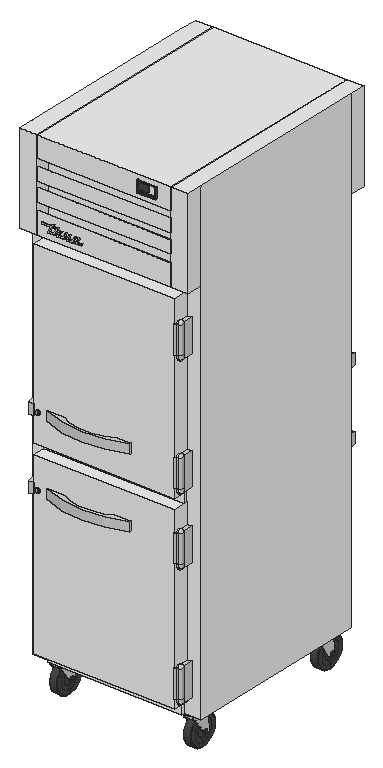
Revit family "QF_TRUE_STR1RPT-2HS-2HS-HC", category Specialty Equipment, Revit 2012
Parameters
  Weight in Pounds = 0
  Watts = Volts * FL Amps  # 437 W
  Volts = 115 V
  URL Manufacturer = "www.truemfg.com"
  URL Cutsheet = "www.truemfg.com"
  URL = "www.truemfg.com"
  Type Comments = "www.truemfg.com"
  Status [instance] = ""
  Specification by User [instance] = ""
  Specification by Manufacturer = ""
  Show Seismic Flanged [instance] = no
  Show Logo [instance] = yes
  Show Legs [instance] = no
  Show Clearance [instance] = yes
  Serial Number = ""
  Seismic Rating = ""
  Seismic Plate [instance] = and(Show Seismic Flanged, not(Show Casters))  # no
  SMACNA No = ""
  Revision Code [instance] = ""
  Phase = 1
  Omniclass Number and Title = ""
  Number of Poles [instance] = 1
  NAFEM Spec ID Number = ""
  Model = "STR1RPT-2HS-2HS-HC"
  Min Ckt Ampacity = 0 A
  Max Overcurrent Protection = 0 A
  Masterspec = ""
  Manufacturer = "TRUE FOOD SERVICE EQUIPMENT, INC."
  Length = 27 1/2"
  Legs [instance] = or(Show Legs, Show Seismic Flanged)  # no
  Item Number [instance] = ""
  Installed By [instance] = ""
  Identify Quantity as Lot [instance] = yes
  Height = 77 3/4"
  HP = "1/4"
  Furnished By [instance] = ""
  Foodservice Equipment Identifier [instance] = yes
  FL Amps = 3.8 A
  Electrical Remarks [instance] = ""
  Electric Connection Type [instance] = ""
  Elec Conn RI Height [instance] = 0"
  Elec Conn Connection Height [instance] = 0"
  Description = "PASS-THRU SOLID HALF FRONT/SOLID HALF REAR SWING DOORS REFRIGERATOR WITH HYDROCARBON REFRIGERANT"
  Depth = 36 1/8"
  Cycle = 60 Hz
  Conn Plug = "5-15P"
  Conn Conduit = yes
  Show Casters [instance] = if(not(Show Legs), not(Show Seismic Flanged), not(Show Legs))  # yes
  CSI MasterFormat = ""
  CSI Master Format = ""
  Apparent Power = if(Phase = 3, Volts * FL Amps * 1.73, Volts * FL Amps)  # 437 VA
Reference planes (in)
  plane 1: z = 0
  plane 2 "LEFT": x = 0
  plane 3 "RIGHT": x = 27.5
  plane 4 "FRONT": y = -33.375
  plane 5 "TOP": z = 84.125
  plane 6: z = 6.125
  plane 7: y = -33.3292
  plane 8: y = 2.75
  plane 9: y = -56.40625
  plane 10: y = 25.78125
Forms (in)
  Extrusion 1, solid, material "QF_Finishes_Chrome - Satin"
    sketch origin (0.05, 0, 0) x (1, 0, 0) y (0, 1, 0)
      loop
        line (-0.05, 0) -> (-0.05, -30.625) -> (2.80938, -30.625) -> (2.80938, 0) -> (-0.05, 0)
    from 6.125 to 84.125
  Extrusion 2, solid, material "QF_Finishes_Chrome - Satin"
    sketch origin (50.15, 0, 0) x (1, 0, 0) y (0, 1, 0)
      loop
        line (-25.50937, 0) -> (-25.50937, -30.625) -> (-22.65, -30.625) -> (-22.65, 0) -> (-25.50937, 0)
    from 6.125 to 84.125
  Extrusion 3, solid, material "QF_Finishes_Chrome - Satin"
    sketch origin (0, 0, 0) x (0, 1, 0) y (0, 0, 1)
      loop
        line (-33.1875, 69.5) -> (-30.625, 69.5) -> (-30.625, 64.75) -> (0, 64.75) -> (0, 69.5) -> (2.5625, 69.5) -> (2.5625, 73.02638) -> (0.59159, 71.625) -> (0.59159, 72.90057) -> (2.5625, 74.30195) -> (2.5625, 76.39816) -> (0.59159, 74.99678) -> (0.59159, 75.95754) -> (2.5625, 77.35892) -> (2.5625, 79.49263) -> (0.59159, 78.09125) -> (0.59159, 79.21352) -> (2.5625, 80.6149) -> (2.5625, 84.125) -> (-33.1875, 84.125) -> (-33.1875, 80.68002) -> (-31.125, 79.21352) -> (-31.125, 78.09125) -> (-33.1875, 79.55776) -> (-33.1875, 77.42405) -> (-31.125, 75.95754) -> (-31.125, 74.99678) -> (-33.1875, 76.46328) -> (-33.1875, 74.36708) -> (-31.125, 72.90057) -> (-31.125, 71.625) -> (-33.1875, 73.09151) -> (-33.1875, 69.5)
      loop
        line (-31, 6.125) -> (0, 6.125) -> (0, 8.94743) -> (-31, 8.94743) -> (-31, 6.125)
    from 2.85938 to 24.64063
  Extrusion 4, solid, material "QF_Finishes_Chrome - Satin"
    sketch origin (0.10531, 0, 0) x (1, 0, 0) y (0, 1, 0)
      loop
        line (27.34782, -30.625) -> (24.53532, -30.625) -> (24.53532, -33.1875) -> (27.34782, -33.1875) -> (27.34782, -30.625)
    from 69.5 to 84.125
  Extrusion 5, solid, material "QF_Finishes_Chrome - Satin"
    sketch origin (-50.19421, 0, 0.25) x (1, 0, 0) y (0, 1, 0)
      loop
        line (53.05359, -30.625) -> (50.24109, -30.625) -> (50.24109, -33.1875) -> (53.05359, -33.1875) -> (53.05359, -30.625)
    from 69.25 to 83.875
  Extrusion 6, solid, material "QF_Finishes_Handrails and Railings", visible <- "Show Logo"
    sketch origin (0.33478, 1.45673, -6.73143) x (1, 0, 0) y (0, 0, 1)
      loop
        line (3.46044, 78.46231) -> (3.35478, 78.23573) -> (4.76027, 78.23573)
        arc (4.76027, 78.23573) -> (4.78879, 78.18528) -> (4.76027, 78.13484) r 0.05887
        line (4.76027, 78.13484) -> (4.39369, 77.34872)
        arc (4.39369, 77.34872) -> (4.39051, 77.27591) -> (4.43975, 77.22217) r 0.09523
        line (4.43975, 77.22217) -> (5.33844, 77.22217)
        arc (5.33844, 77.22217) -> (5.45192, 77.25795) -> (5.52436, 77.35235) r 0.19785
        line (5.52436, 77.35235) -> (5.81285, 77.97101) -> (6.0779, 77.97101)
        arc (6.0779, 77.97101) -> (6.14744, 77.94543) -> (6.13737, 77.87203) r 0.05911
        line (6.13737, 77.87203) -> (5.89598, 77.35437)
        arc (5.89598, 77.35437) -> (5.89974, 77.2684) -> (5.97231, 77.22217) r 0.09318
        line (5.97231, 77.22217) -> (6.76198, 77.22217)
        arc (6.76198, 77.22217) -> (6.82249, 77.24419) -> (6.85468, 77.29995) r 0.09412
        arc (6.85468, 77.29995) -> (6.87746, 77.24495) -> (6.93246, 77.22217) r 0.07778
        line (6.93246, 77.22217) -> (7.43246, 77.22217)
        arc (7.43246, 77.22217) -> (7.49022, 77.23765) -> (7.53251, 77.27993) r 0.11552
        arc (7.53251, 77.27993) -> (7.55275, 77.23106) -> (7.60162, 77.21081) r 0.06912
        line (7.60162, 77.21081) -> (8.31225, 77.21081)
        arc (8.31225, 77.21081) -> (8.37034, 77.23488) -> (8.39441, 77.29297) r 0.08216
        arc (8.39441, 77.29297) -> (8.44767, 77.23972) -> (8.52042, 77.22022) r 0.14551
        line (8.52042, 77.22022) -> (9.85158, 77.22022) -> (9.99946, 77.47634) -> (8.65678, 77.47634)
        arc (8.65678, 77.47634) -> (8.61972, 77.50204) -> (8.61834, 77.54711) r 0.05009
        line (8.61834, 77.54711) -> (8.64157, 77.59692)
        arc (8.64157, 77.59692) -> (8.67723, 77.64364) -> (8.73327, 77.66135) r 0.09747
        line (8.73327, 77.66135) -> (9.16485, 77.66135)
        arc (9.16485, 77.66135) -> (9.258, 77.68631) -> (9.32619, 77.7545) r 0.1863
        line (9.32619, 77.7545) -> (9.45119, 77.97101)
        arc (9.45119, 77.97101) -> (9.45119, 78.08657) -> (9.35111, 78.14434) r 0.11556
        line (9.35111, 78.14434) -> (8.89562, 78.14434)
        arc (8.89562, 78.14434) -> (8.7795, 78.12462) -> (8.69849, 78.03912) r 0.18605
        line (8.69849, 78.03912) -> (8.48204, 77.57493)
        arc (8.48204, 77.57493) -> (8.41815, 77.49167) -> (8.31806, 77.46011) r 0.1745
        line (8.31806, 77.46011) -> (7.84559, 77.46011)
        arc (7.84559, 77.46011) -> (7.78903, 77.52184) -> (7.79268, 77.60548) r 0.10939
        line (7.79268, 77.60548) -> (8.04395, 78.14434) -> (7.88403, 78.14434) -> (7.61781, 77.57344)
        arc (7.61781, 77.57344) -> (7.56609, 77.50603) -> (7.48505, 77.48048) r 0.14128
        line (7.48505, 77.48048) -> (7.15925, 77.48048)
        arc (7.15925, 77.48048) -> (7.10419, 77.55223) -> (7.116, 77.64189) r 0.11816
        line (7.116, 77.64189) -> (7.3503, 78.14434) -> (7.18514, 78.14434) -> (6.91546, 77.566)
        arc (6.91546, 77.566) -> (6.85285, 77.50339) -> (6.76733, 77.48048) r 0.17104
        line (6.76733, 77.48048) -> (6.29555, 77.48048)
        arc (6.29555, 77.48048) -> (6.21082, 77.51999) -> (6.20267, 77.61313) r 0.0935
        line (6.20267, 77.61313) -> (6.35774, 77.94569) -> (6.57695, 77.94569)
        arc (6.57695, 77.94569) -> (6.61395, 78.05717) -> (6.69267, 78.14434) r 0.2857
        line (6.69267, 78.14434) -> (5.83605, 78.14434)
        arc (5.83605, 78.14434) -> (5.74086, 78.12324) -> (5.67498, 78.05135) r 0.16212
        line (5.67498, 78.05135) -> (5.44279, 77.55341)
        arc (5.44279, 77.55341) -> (5.3894, 77.50002) -> (5.31647, 77.48048) r 0.14586
        line (5.31647, 77.48048) -> (4.80506, 77.48048)
        arc (4.80506, 77.48048) -> (4.76514, 77.53442) -> (4.77274, 77.60109) r 0.09155
        line (4.77274, 77.60109) -> (5.11018, 78.23573) -> (5.96155, 78.23573) -> (6.06721, 78.46231) -> (5.21584, 78.46231) -> (5.32149, 78.68888) -> (5.01862, 78.68888) -> (4.91297, 78.46231) -> (3.46044, 78.46231)
      loop
        arc (8.83805, 77.93863) -> (8.80119, 77.92875) -> (8.7742, 77.90176) r 0.07373
        line (8.7742, 77.90176) -> (8.75229, 77.83436)
        arc (8.75229, 77.83436) -> (8.76245, 77.80983) -> (8.78699, 77.79966) r 0.0347
        line (8.78699, 77.79966) -> (9.15948, 77.79966)
        arc (9.15948, 77.79966) -> (9.18632, 77.80561) -> (9.20812, 77.82234) r 0.0635
        line (9.20812, 77.82234) -> (9.22624, 77.90622)
        arc (9.22624, 77.90622) -> (9.22091, 77.92868) -> (9.20009, 77.93863) r 0.02676
        line (9.20009, 77.93863) -> (8.83805, 77.93863)
    from 34.64423 to 34.83173
  Extrusion 7, solid
    sketch origin (-25.125, 2.6875, 0) x (1, 0, 0) y (0, 0, 1)
      loop
        circle (49.375, 82) r 0.25
    from 0.23221 to 0.125
  Revolve 8, solid, material "QF_Finishes_Black", visible <- "Show Casters"
    sketch origin (22.65625, -27.375, 0) x (1, 0, 0) y (0, 0, 1)
      loop
        line (1.475, 5) -> (1.375, 4.9) -> (1.375, 4.29941) -> (1.53601, 4.29941) -> (1.53601, 3.54941) -> (1.375, 3.54941) -> (1.375, 2.79941) -> (0.975, 2.79941) -> (0.975, 2.5) -> (3.025, 2.5) -> (3.025, 2.79941) -> (2.62908, 2.79941) -> (2.62908, 3.54941) -> (2.46399, 3.54941) -> (2.46399, 4.29941) -> (2.62908, 4.29941) -> (2.62908, 4.89592) -> (2.525, 5) -> (1.475, 5)
      axis (3.025, 2.5) -> (0.975, 2.5)
    angle from 0 to 360
  Extrusion 9, solid, material "QF_Finishes_Handrails and Railings", visible <- "Show Casters"
    sketch origin (22.65625, 0, 0) x (0, 1, 0) y (0, 0, 1)
      loop
        line (-29.57636, 5.48574) -> (-29.57636, 4.88089) -> (-29.32636, 4.88089) -> (-27.57716, 2.18736)
        arc (-27.57716, 2.18736) -> (-26.86383, 1.94868) -> (-26.47081, 2.59003) r 0.60416
        line (-26.47081, 2.59003) -> (-26.82636, 5.48574) -> (-29.57636, 5.48574)
      loop
        line (-4.07645, 5.48574) -> (-4.07645, 4.88089) -> (-3.82645, 4.88089) -> (-2.07725, 2.18736)
        arc (-2.07725, 2.18736) -> (-1.36392, 1.94868) -> (-0.9709, 2.59003) r 0.60416
        line (-0.9709, 2.59003) -> (-1.32645, 5.48574) -> (-4.07645, 5.48574)
    from 1.175 to 1.325
  Extrusion 10, solid, material "QF_Finishes_Handrails and Railings", visible <- "Show Casters"
    sketch origin (24.15625, 0, 0) x (0, 1, 0) y (0, 0, 1)
      loop
        line (-29.57636, 5.48574) -> (-29.57636, 4.88089) -> (-29.32636, 4.88089) -> (-27.57716, 2.18736)
        arc (-27.57716, 2.18736) -> (-26.86383, 1.94868) -> (-26.47081, 2.59003) r 0.60416
        line (-26.47081, 2.59003) -> (-26.82636, 5.48574) -> (-29.57636, 5.48574)
      loop
        line (-4.07645, 5.48574) -> (-4.07645, 4.88089) -> (-3.82645, 4.88089) -> (-2.07725, 2.18736)
        arc (-2.07725, 2.18736) -> (-1.36392, 1.94868) -> (-0.9709, 2.59003) r 0.60416
        line (-0.9709, 2.59003) -> (-1.32645, 5.48574) -> (-4.07645, 5.48574)
    from 1.175 to 1.325
  Revolve 11, solid, material "QF_Finishes_Chrome - Satin", visible <- "Show Casters"
    sketch origin (22.65625, -28.5625, -0.5) x (1, 0, 0) y (0, 0, 1)
      loop
        line (2, 5.99546) -> (2, 6.62359) -> (0.70293, 6.62359) -> (0.70293, 5.99546) -> (2, 5.99546)
      axis (2, 5.99546) -> (2, 6.62359)
    angle from 0 to 360
  Revolve 12, solid, material "QF_Finishes_Chrome - Satin", visible <- "Legs"
    sketch origin (22.65625, -2.69102, 0) x (1, 0, 0) y (0, 0, 1)
      loop
        line (2, 6.125) -> (0.66662, 6.125) -> (1.25, 1) -> (1.5, 1) -> (1.5, 0) -> (2, 0) -> (2, 6.125)
      axis (2, 0) -> (2, 6.125)
    angle from 0 to 360
  Revolve 13, solid, material "QF_Finishes_Chrome - Satin", visible <- "Legs"
    sketch origin (22.65625, -28.65977, 0) x (1, 0, 0) y (0, 0, 1)
      loop
        line (2, 6.125) -> (0.66662, 6.125) -> (1.25, 1) -> (1.5, 1) -> (1.5, 0) -> (2, 0) -> (2, 6.125)
      axis (2, 0) -> (2, 6.125)
    angle from 0 to 360
  Revolve 14, solid, material "QF_Finishes_Chrome - Satin", visible <- "Show Casters"
    sketch origin (22.65625, -2.70321, -0.5) x (1, 0, 0) y (0, 0, 1)
      loop
        line (2, 5.99546) -> (2, 6.62359) -> (0.70293, 6.62359) -> (0.70293, 5.99546) -> (2, 5.99546)
      axis (2, 5.99546) -> (2, 6.62359)
    angle from 0 to 360
  Extrusion 15, solid, material "QF_Finishes_Handrails and Railings", visible <- "Show Casters"
    sketch origin (-25.125, 0, 0) x (0, 1, 0) y (0, 0, 1)
      loop
        line (-29.57636, 5.48574) -> (-29.57636, 4.88089) -> (-29.32636, 4.88089) -> (-26.79033, 5.19227) -> (-26.82636, 5.48574) -> (-29.57636, 5.48574)
      loop
        line (-4.07645, 5.48574) -> (-4.07645, 4.88089) -> (-3.82645, 4.88089) -> (-1.29042, 5.19227) -> (-1.32645, 5.48574) -> (-4.07645, 5.48574)
    from 49.10625 to 50.45625
  Revolve 16, solid, material "QF_Finishes_Black", visible <- "Show Casters"
    sketch origin (0.84375, -27.375, 0) x (1, 0, 0) y (0, 0, 1)
      loop
        line (1.475, 5) -> (1.375, 4.9) -> (1.375, 4.29941) -> (1.53601, 4.29941) -> (1.53601, 3.54941) -> (1.375, 3.54941) -> (1.375, 2.79941) -> (0.975, 2.79941) -> (0.975, 2.5) -> (3.025, 2.5) -> (3.025, 2.79941) -> (2.62908, 2.79941) -> (2.62908, 3.54941) -> (2.46399, 3.54941) -> (2.46399, 4.29941) -> (2.62908, 4.29941) -> (2.62908, 4.89592) -> (2.525, 5) -> (1.475, 5)
      axis (3.025, 2.5) -> (0.975, 2.5)
    angle from 0 to 360
  Extrusion 17, solid, material "QF_Finishes_Handrails and Railings", visible <- "Show Casters"
    sketch origin (0.84375, 0, 0) x (0, 1, 0) y (0, 0, 1)
      loop
        line (-29.57636, 5.48574) -> (-29.57636, 4.88089) -> (-29.32636, 4.88089) -> (-27.57716, 2.18736)
        arc (-27.57716, 2.18736) -> (-26.86383, 1.94868) -> (-26.47081, 2.59003) r 0.60416
        line (-26.47081, 2.59003) -> (-26.82636, 5.48574) -> (-29.57636, 5.48574)
      loop
        line (-4.07645, 5.48574) -> (-4.07645, 4.88089) -> (-3.82645, 4.88089) -> (-2.07725, 2.18736)
        arc (-2.07725, 2.18736) -> (-1.36392, 1.94868) -> (-0.9709, 2.59003) r 0.60416
        line (-0.9709, 2.59003) -> (-1.32645, 5.48574) -> (-4.07645, 5.48574)
    from 1.175 to 1.325
  Extrusion 18, solid, material "QF_Finishes_Handrails and Railings", visible <- "Show Casters"
    sketch origin (2.34375, 0, 0) x (0, 1, 0) y (0, 0, 1)
      loop
        line (-29.57636, 5.48574) -> (-29.57636, 4.88089) -> (-29.32636, 4.88089) -> (-27.57716, 2.18736)
        arc (-27.57716, 2.18736) -> (-26.86383, 1.94868) -> (-26.47081, 2.59003) r 0.60416
        line (-26.47081, 2.59003) -> (-26.82636, 5.48574) -> (-29.57636, 5.48574)
      loop
        line (-4.07645, 5.48574) -> (-4.07645, 4.88089) -> (-3.82645, 4.88089) -> (-2.07725, 2.18736)
        arc (-2.07725, 2.18736) -> (-1.36392, 1.94868) -> (-0.9709, 2.59003) r 0.60416
        line (-0.9709, 2.59003) -> (-1.32645, 5.48574) -> (-4.07645, 5.48574)
    from 1.175 to 1.325
  Revolve 19, solid, material "QF_Finishes_Chrome - Satin", visible <- "Show Casters"
    sketch origin (0.84375, -28.5625, -0.5) x (1, 0, 0) y (0, 0, 1)
      loop
        line (2, 5.99546) -> (2, 6.62359) -> (0.70293, 6.62359) -> (0.70293, 5.99546) -> (2, 5.99546)
      axis (2, 5.99546) -> (2, 6.62359)
    angle from 0 to 360
  Revolve 20, solid, material "QF_Finishes_Chrome - Satin", visible <- "Legs"
    sketch origin (0.84375, -2.69102, 0) x (1, 0, 0) y (0, 0, 1)
      loop
        line (2, 6.125) -> (0.66662, 6.125) -> (1.25, 1) -> (1.5, 1) -> (1.5, 0) -> (2, 0) -> (2, 6.125)
      axis (2, 0) -> (2, 6.125)
    angle from 0 to 360
  Revolve 21, solid, material "QF_Finishes_Chrome - Satin", visible <- "Legs"
    sketch origin (0.84375, -28.65977, 0) x (1, 0, 0) y (0, 0, 1)
      loop
        line (2, 6.125) -> (0.66662, 6.125) -> (1.25, 1) -> (1.5, 1) -> (1.5, 0) -> (2, 0) -> (2, 6.125)
      axis (2, 0) -> (2, 6.125)
    angle from 0 to 360
  Revolve 22, solid, material "QF_Finishes_Chrome - Satin", visible <- "Show Casters"
    sketch origin (0.84375, -2.70321, -0.5) x (1, 0, 0) y (0, 0, 1)
      loop
        line (2, 5.99546) -> (2, 6.62359) -> (0.70293, 6.62359) -> (0.70293, 5.99546) -> (2, 5.99546)
      axis (2, 5.99546) -> (2, 6.62359)
    angle from 0 to 360
  Extrusion 23, solid, material "QF_Finishes_Handrails and Railings", visible <- "Show Casters"
    sketch origin (-46.9375, 0, 0) x (0, 1, 0) y (0, 0, 1)
      loop
        line (-29.57636, 5.48574) -> (-29.57636, 4.88089) -> (-29.32636, 4.88089) -> (-26.79033, 5.19227) -> (-26.82636, 5.48574) -> (-29.57636, 5.48574)
      loop
        line (-4.07645, 5.48574) -> (-4.07645, 4.88089) -> (-3.82645, 4.88089) -> (-1.29042, 5.19227) -> (-1.32645, 5.48574) -> (-4.07645, 5.48574)
    from 49.10625 to 50.45625
  Extrusion 24, solid, material "QF_Finishes_Chrome - Satin"
    sketch origin (0.10531, -31.3292, 0) x (1, 0, 0) y (0, 1, 0)
      loop
        line (27.34782, 31.3292) -> (27.34782, 33.8917) -> (24.53532, 33.8917) -> (24.53532, 31.3292) -> (27.34782, 31.3292)
    from 69.5 to 84.125
  Extrusion 25, solid, material "QF_Finishes_Chrome - Satin"
    sketch origin (-50.19421, -31.3292, 0.25) x (1, 0, 0) y (0, 1, 0)
      loop
        line (53.05359, 31.3292) -> (53.05359, 33.8917) -> (50.24109, 33.8917) -> (50.24109, 31.3292) -> (53.05359, 31.3292)
    from 69.25 to 83.875
  Extrusion 26, solid, material "QF_Finishes_Handrails and Railings"
    sketch origin (1.28125, -31.48479, 0) x (0, -1, 0) y (0, 0, -1)
      loop
        line (-31.48479, -64.55229) -> (-31.48479, -59.23627) -> (-33.625, -59.23627) -> (-33.625, -59.94848) -> (-33.18997, -59.94848) -> (-33.18997, -64.34776)
        arc (-33.18997, -64.34776) -> (-33.13006, -64.49238) -> (-32.98544, -64.55229) r 0.20453
        line (-32.98544, -64.55229) -> (-31.48479, -64.55229)
    from 0.17506 to 1
  Revolve 27, solid, material "QF_Finishes_Handrails and Railings"
    sketch origin (1.78125, -31.48479, 0) x (0, -1, 0) y (0, 0, -1)
      loop
        line (-33.64063, -60.00189) -> (-34.04729, -60.00189) -> (-34.04729, -64.4736)
        arc (-34.04729, -64.4736) -> (-33.91222, -64.72557) -> (-33.64063, -64.81483) r 0.3848
        line (-33.64063, -64.81483) -> (-33.64063, -60.00189)
      loop
        line (-33.64063, -59.94848) -> (-33.64063, -59.04781)
        arc (-33.64063, -59.04781) -> (-33.90764, -59.13383) -> (-34.04729, -59.37712) r 0.38884
        line (-34.04729, -59.37712) -> (-34.04729, -59.94848) -> (-33.64063, -59.94848)
      axis (-33.64063, -59.04781) -> (-33.64063, -64.81483)
    angle from 0 to 360
  Extrusion 28, solid, material "QF_Finishes_Handrails and Railings"
    sketch origin (-0.03125, -31.48479, 0) x (1, 0, 0) y (0, 0, -1)
      loop
        line (1.91491, -64.4736) -> (2.3125, -64.4736) -> (2.3125, -60.00079) -> (1.91491, -60.00079) -> (1.91491, -64.4736)
    from 33.18997 to 33.98479
  Extrusion 29, solid, material "QF_Finishes_Handrails and Railings"
    sketch origin (1.28125, -31.48479, -19.5) x (0, -1, 0) y (0, 0, -1)
      loop
        line (-31.48479, -64.55229) -> (-31.48479, -59.23627) -> (-33.625, -59.23627) -> (-33.625, -59.94848) -> (-33.18997, -59.94848) -> (-33.18997, -64.34776)
        arc (-33.18997, -64.34776) -> (-33.13006, -64.49238) -> (-32.98544, -64.55229) r 0.20453
        line (-32.98544, -64.55229) -> (-31.48479, -64.55229)
    from 0.17506 to 1
  Revolve 30, solid, material "QF_Finishes_Handrails and Railings"
    sketch origin (1.78125, -31.48479, -19.5) x (0, -1, 0) y (0, 0, -1)
      loop
        line (-33.64063, -60.00189) -> (-34.04729, -60.00189) -> (-34.04729, -64.4736)
        arc (-34.04729, -64.4736) -> (-33.91222, -64.72557) -> (-33.64063, -64.81483) r 0.3848
        line (-33.64063, -64.81483) -> (-33.64063, -60.00189)
      loop
        line (-33.64063, -59.94848) -> (-33.64063, -59.04781)
        arc (-33.64063, -59.04781) -> (-33.90764, -59.13383) -> (-34.04729, -59.37712) r 0.38884
        line (-34.04729, -59.37712) -> (-34.04729, -59.94848) -> (-33.64063, -59.94848)
      axis (-33.64063, -59.04781) -> (-33.64063, -64.81483)
    angle from 0 to 360
  Extrusion 31, solid, material "QF_Finishes_Handrails and Railings"
    sketch origin (-0.03125, -31.48479, -19.5) x (1, 0, 0) y (0, 0, -1)
      loop
        line (1.91491, -64.4736) -> (2.3125, -64.4736) -> (2.3125, -60.00079) -> (1.91491, -60.00079) -> (1.91491, -64.4736)
    from 33.18997 to 33.98479
  Extrusion 32, solid, material "QF_Finishes_Handrails and Railings"
    sketch origin (1.28125, -31.48479, -30.5) x (0, -1, 0) y (0, 0, -1)
      loop
        line (-31.48479, -64.55229) -> (-31.48479, -59.23627) -> (-33.625, -59.23627) -> (-33.625, -59.94848) -> (-33.18997, -59.94848) -> (-33.18997, -64.34776)
        arc (-33.18997, -64.34776) -> (-33.13006, -64.49238) -> (-32.98544, -64.55229) r 0.20453
        line (-32.98544, -64.55229) -> (-31.48479, -64.55229)
    from 0.17506 to 1
  Revolve 33, solid, material "QF_Finishes_Handrails and Railings"
    sketch origin (1.78125, -31.48479, -30.5) x (0, -1, 0) y (0, 0, -1)
      loop
        line (-33.64063, -60.00189) -> (-34.04729, -60.00189) -> (-34.04729, -64.4736)
        arc (-34.04729, -64.4736) -> (-33.91222, -64.72557) -> (-33.64063, -64.81483) r 0.3848
        line (-33.64063, -64.81483) -> (-33.64063, -60.00189)
      loop
        line (-33.64063, -59.94848) -> (-33.64063, -59.04781)
        arc (-33.64063, -59.04781) -> (-33.90764, -59.13383) -> (-34.04729, -59.37712) r 0.38884
        line (-34.04729, -59.37712) -> (-34.04729, -59.94848) -> (-33.64063, -59.94848)
      axis (-33.64063, -59.04781) -> (-33.64063, -64.81483)
    angle from 0 to 360
  Extrusion 34, solid, material "QF_Finishes_Handrails and Railings"
    sketch origin (-0.03125, -31.48479, -30.5) x (1, 0, 0) y (0, 0, -1)
      loop
        line (1.91491, -64.4736) -> (2.3125, -64.4736) -> (2.3125, -60.00079) -> (1.91491, -60.00079) -> (1.91491, -64.4736)
    from 33.18997 to 33.98479
  Extrusion 35, solid, material "QF_Finishes_Handrails and Railings"
    sketch origin (1.28125, -31.48479, -50.25) x (0, -1, 0) y (0, 0, -1)
      loop
        line (-31.48479, -64.55229) -> (-31.48479, -59.19743) -> (-33.625, -59.19743) -> (-33.625, -59.94848) -> (-33.18997, -59.94848) -> (-33.18997, -64.34776)
        arc (-33.18997, -64.34776) -> (-33.13006, -64.49238) -> (-32.98544, -64.55229) r 0.20453
        line (-32.98544, -64.55229) -> (-31.48479, -64.55229)
    from 0.17506 to 1
  Revolve 36, solid, material "QF_Finishes_Handrails and Railings"
    sketch origin (1.78125, -31.48479, -50.25) x (0, -1, 0) y (0, 0, -1)
      loop
        line (-33.64063, -60.00189) -> (-34.04729, -60.00189) -> (-34.04729, -64.4736)
        arc (-34.04729, -64.4736) -> (-33.91222, -64.72557) -> (-33.64063, -64.81483) r 0.3848
        line (-33.64063, -64.81483) -> (-33.64063, -60.00189)
      loop
        line (-33.64063, -59.94848) -> (-33.64063, -59.04781)
        arc (-33.64063, -59.04781) -> (-33.90764, -59.13383) -> (-34.04729, -59.37712) r 0.38884
        line (-34.04729, -59.37712) -> (-34.04729, -59.94848) -> (-33.64063, -59.94848)
      axis (-33.64063, -59.04781) -> (-33.64063, -64.81483)
    angle from 0 to 360
  Extrusion 37, solid, material "QF_Finishes_Handrails and Railings"
    sketch origin (-0.03125, -31.48479, -50.25) x (1, 0, 0) y (0, 0, -1)
      loop
        line (1.91491, -64.4736) -> (2.3125, -64.4736) -> (2.3125, -60.00079) -> (1.91491, -60.00079) -> (1.91491, -64.4736)
    from 33.18997 to 33.98479
  Extrusion 38, solid, material "QF_Finishes_Chrome - Satin"
    sketch origin (-25.125, 0.375, -0.8125) x (1, 0, 0) y (0, 0, 1)
      loop
        line (27.40625, 68.78125) -> (27.40625, 39.65625) -> (50.34375, 39.65625) -> (50.34375, 68.78125) -> (27.40625, 68.78125)
      loop
        line (27.40625, 8.84375) -> (50.34375, 8.84375) -> (50.34375, 37.96875) -> (27.40625, 37.96875) -> (27.40625, 8.84375)
    from 31 to 33.5625
  Extrusion 39, solid, material "QF_Finishes_Handrails and Railings"
    sketch origin (26.21875, 0.10979, -0.09375) x (0, 1, 0) y (0, 0, -1)
      loop
        line (-30.73479, -64.55229) -> (-30.73479, -59.23627) -> (-32.875, -59.23627) -> (-32.875, -59.94848) -> (-32.43997, -59.94848) -> (-32.43997, -64.34776)
        arc (-32.43997, -64.34776) -> (-32.38006, -64.49238) -> (-32.23544, -64.55229) r 0.20453
        line (-32.23544, -64.55229) -> (-30.73479, -64.55229)
    from 0.17506 to 1
  Revolve 40, solid, material "QF_Finishes_Handrails and Railings"
    sketch origin (25.71875, 0.29729, -0.09375) x (0, 1, 0) y (0, 0, -1)
      loop
        line (-32.89063, -60.00189) -> (-33.29729, -60.00189) -> (-33.29729, -64.4736)
        arc (-33.29729, -64.4736) -> (-33.16222, -64.72557) -> (-32.89063, -64.81483) r 0.3848
        line (-32.89063, -64.81483) -> (-32.89063, -60.00189)
      loop
        line (-32.89063, -59.94848) -> (-32.89063, -59.04781)
        arc (-32.89063, -59.04781) -> (-33.15764, -59.13383) -> (-33.29729, -59.37712) r 0.38884
        line (-33.29729, -59.37712) -> (-33.29729, -59.94848) -> (-32.89063, -59.94848)
      axis (-32.89063, -59.04781) -> (-32.89063, -64.81483)
    angle from 0 to 360
  Extrusion 41, solid, material "QF_Finishes_Handrails and Railings"
    sketch origin (27.53125, 0.29729, -0.09375) x (-1, 0, 0) y (0, 0, -1)
      loop
        line (1.91491, -64.4736) -> (2.3125, -64.4736) -> (2.3125, -60.00079) -> (1.91491, -60.00079) -> (1.91491, -64.4736)
    from 32.81497 to 33.59495
  Extrusion 42, solid, material "QF_Finishes_Handrails and Railings"
    sketch origin (26.21875, 0.10979, -19.59375) x (0, 1, 0) y (0, 0, -1)
      loop
        line (-30.73479, -64.55229) -> (-30.73479, -59.23627) -> (-32.875, -59.23627) -> (-32.875, -59.94848) -> (-32.43997, -59.94848) -> (-32.43997, -64.34776)
        arc (-32.43997, -64.34776) -> (-32.38006, -64.49238) -> (-32.23544, -64.55229) r 0.20453
        line (-32.23544, -64.55229) -> (-30.73479, -64.55229)
    from 0.17506 to 1
  Revolve 43, solid, material "QF_Finishes_Handrails and Railings"
    sketch origin (25.71875, 0.29729, -19.59375) x (0, 1, 0) y (0, 0, -1)
      loop
        line (-32.89063, -60.00189) -> (-33.29729, -60.00189) -> (-33.29729, -64.4736)
        arc (-33.29729, -64.4736) -> (-33.16222, -64.72557) -> (-32.89063, -64.81483) r 0.3848
        line (-32.89063, -64.81483) -> (-32.89063, -60.00189)
      loop
        line (-32.89063, -59.94848) -> (-32.89063, -59.04781)
        arc (-32.89063, -59.04781) -> (-33.15764, -59.13383) -> (-33.29729, -59.37712) r 0.38884
        line (-33.29729, -59.37712) -> (-33.29729, -59.94848) -> (-32.89063, -59.94848)
      axis (-32.89063, -59.04781) -> (-32.89063, -64.81483)
    angle from 0 to 360
  Extrusion 44, solid, material "QF_Finishes_Handrails and Railings"
    sketch origin (27.53125, 0.29729, -19.59375) x (-1, 0, 0) y (0, 0, -1)
      loop
        line (1.91491, -64.4736) -> (2.3125, -64.4736) -> (2.3125, -60.00079) -> (1.91491, -60.00079) -> (1.91491, -64.4736)
    from 32.81497 to 33.59495
  Extrusion 45, solid, material "QF_Finishes_Handrails and Railings"
    sketch origin (26.21875, 0.10979, -30.59375) x (0, 1, 0) y (0, 0, -1)
      loop
        line (-30.73479, -64.55229) -> (-30.73479, -59.23627) -> (-32.875, -59.23627) -> (-32.875, -59.94848) -> (-32.43997, -59.94848) -> (-32.43997, -64.34776)
        arc (-32.43997, -64.34776) -> (-32.38006, -64.49238) -> (-32.23544, -64.55229) r 0.20453
        line (-32.23544, -64.55229) -> (-30.73479, -64.55229)
    from 0.17506 to 1
  Revolve 46, solid, material "QF_Finishes_Handrails and Railings"
    sketch origin (25.71875, 0.29729, -30.59375) x (0, 1, 0) y (0, 0, -1)
      loop
        line (-32.89063, -60.00189) -> (-33.29729, -60.00189) -> (-33.29729, -64.4736)
        arc (-33.29729, -64.4736) -> (-33.16222, -64.72557) -> (-32.89063, -64.81483) r 0.3848
        line (-32.89063, -64.81483) -> (-32.89063, -60.00189)
      loop
        line (-32.89063, -59.94848) -> (-32.89063, -59.04781)
        arc (-32.89063, -59.04781) -> (-33.15764, -59.13383) -> (-33.29729, -59.37712) r 0.38884
        line (-33.29729, -59.37712) -> (-33.29729, -59.94848) -> (-32.89063, -59.94848)
      axis (-32.89063, -59.04781) -> (-32.89063, -64.81483)
    angle from 0 to 360
  Extrusion 47, solid, material "QF_Finishes_Handrails and Railings"
    sketch origin (27.53125, 0.29729, -30.59375) x (-1, 0, 0) y (0, 0, -1)
      loop
        line (1.91491, -64.4736) -> (2.3125, -64.4736) -> (2.3125, -60.00079) -> (1.91491, -60.00079) -> (1.91491, -64.4736)
    from 32.81497 to 33.59495
  Extrusion 48, solid, material "QF_Finishes_Handrails and Railings"
    sketch origin (26.21875, 0.10979, -50.34375) x (0, 1, 0) y (0, 0, -1)
      loop
        line (-30.73479, -64.55229) -> (-30.73479, -59.23627) -> (-32.875, -59.23627) -> (-32.875, -59.94848) -> (-32.43997, -59.94848) -> (-32.43997, -64.34776)
        arc (-32.43997, -64.34776) -> (-32.38006, -64.49238) -> (-32.23544, -64.55229) r 0.20453
        line (-32.23544, -64.55229) -> (-30.73479, -64.55229)
    from 0.17506 to 1
  Revolve 49, solid, material "QF_Finishes_Handrails and Railings"
    sketch origin (25.71875, 0.29729, -50.34375) x (0, 1, 0) y (0, 0, -1)
      loop
        line (-32.89063, -60.00189) -> (-33.29729, -60.00189) -> (-33.29729, -64.4736)
        arc (-33.29729, -64.4736) -> (-33.16222, -64.72557) -> (-32.89063, -64.81483) r 0.3848
        line (-32.89063, -64.81483) -> (-32.89063, -60.00189)
      loop
        line (-32.89063, -59.94848) -> (-32.89063, -59.04781)
        arc (-32.89063, -59.04781) -> (-33.15764, -59.13383) -> (-33.29729, -59.37712) r 0.38884
        line (-33.29729, -59.37712) -> (-33.29729, -59.94848) -> (-32.89063, -59.94848)
      axis (-32.89063, -59.04781) -> (-32.89063, -64.81483)
    angle from 0 to 360
  Extrusion 50, solid, material "QF_Finishes_Handrails and Railings"
    sketch origin (27.53125, 0.29729, -50.34375) x (-1, 0, 0) y (0, 0, -1)
      loop
        line (1.91491, -64.4736) -> (2.3125, -64.4736) -> (2.3125, -60.00079) -> (1.91491, -60.00079) -> (1.91491, -64.4736)
    from 32.81497 to 33.59495
  Extrusion 51, solid, material "QF_Finishes_Handrails and Railings"
    sketch origin (-23.34375, 0.29729, 72.375) x (1, 0, 0) y (0, 0, 1)
      loop
        circle (26.4375, -40.0625) r 0.35
      loop
        line (26.47265, -40.33635) -> (26.47265, -39.76895) -> (26.41715, -39.76895) -> (26.41715, -40.33635) -> (26.47265, -40.33635)
    from 33.67229 to 33.73479
  Blend 52, solid, material "QF_Finishes_Handrails and Railings"
    base sketch origin (27.53125, 0.48479, 70.375) x (-1, 0, 0) y (0, 0, -1)
      loop
        line (25.25, 38.99169) -> (25.25, 37.24169) -> (26, 37.24169) -> (26, 38.99169) -> (25.25, 38.99169)
    top sketch origin (27.53125, 0.48479, 70.375) x (-1, 0, 0) y (0, 0, -1)
      loop
        line (26.18223, 36.6441) -> (26.18223, 39.42643) -> (25.25, 39.42643) -> (25.25, 36.6441) -> (26.18223, 36.6441)
    from 33.67229 to 31.10979
  Extrusion 53, solid, material "QF_Finishes_Handrails and Railings"
    sketch origin (58.4375, -0.0747, 20.68519) x (1, 0, 0) y (0, 1, 0)
      loop
        line (-53.875, -33.1128) -> (-53.875, -33.325)
        arc (-53.875, -33.325) -> (-47.075, -34.76905) -> (-40.275, -33.325) r 16.7325
        line (-40.275, -33.325) -> (-40.275, -33.1128) -> (-42.65351, -33.1128)
        arc (-42.65351, -33.1128) -> (-47.075, -34.28316) -> (-51.49649, -33.1128) r 8.93715
        line (-51.49649, -33.1128) -> (-53.875, -33.1128)
    from 10.87731 to 12.37731
  Extrusion 54, solid, material "QF_Finishes_Chrome - Satin"
    sketch origin (0, 0.1875, -0.46875) x (1, 0, 0) y (0, 0, 1)
      loop
        line (2.28125, 39.3125) -> (2.28125, 37.625) -> (25.21875, 37.625) -> (25.21875, 39.3125) -> (2.28125, 39.3125)
    from 31 to 31.25
  Extrusion 55, solid, material "QF_Finishes_White"
    sketch origin (-23.16691, 1.43876, 1.58022) x (1, 0, 0) y (0, 0, 1)
      loop
        line (42.50482, 81.73227) -> (42.50482, 79.98496) -> (45.41107, 79.98496) -> (45.41107, 81.73227) -> (42.50482, 81.73227)
    from 34.62626 to 34.72001
  Extrusion 56, solid, material "QF_Finishes_Black"
    sketch origin (-23.16691, 1.43876, 1.58022) x (1, 0, 0) y (0, 0, 1)
      loop
        line (45.47357, 81.79477) -> (42.44232, 81.79477) -> (42.44232, 79.92246) -> (45.47357, 79.92246) -> (45.47357, 81.79477)
      loop
        spline (42.64232, 80.25372) -> (42.65083, 80.23754) -> (42.67581, 80.22247) -> (42.71554, 80.20952) -> (42.76732, 80.19959) -> (42.82761, 80.19335) -> (42.89232, 80.19122) -> (42.95702, 80.19335) -> (43.01732, 80.19959) -> (43.06909, 80.20952) -> (43.10882, 80.22247) -> (43.1338, 80.23754) -> (43.14232, 80.25372)
        spline (43.14232, 80.25372) -> (43.1338, 80.26989) -> (43.10882, 80.28497) -> (43.06909, 80.29791) -> (43.01732, 80.30784) -> (42.95702, 80.31409) -> (42.89232, 80.31622) -> (42.82761, 80.31409) -> (42.76732, 80.30784) -> (42.71554, 80.29791) -> (42.67581, 80.28497) -> (42.65083, 80.26989) -> (42.64232, 80.25372)
      loop
        spline (43.33833, 80.25372) -> (43.34685, 80.23754) -> (43.37182, 80.22247) -> (43.41155, 80.20952) -> (43.46333, 80.19959) -> (43.52362, 80.19335) -> (43.58833, 80.19122) -> (43.65303, 80.19335) -> (43.71333, 80.19959) -> (43.76511, 80.20952) -> (43.80484, 80.22247) -> (43.82981, 80.23754) -> (43.83833, 80.25372)
        spline (43.83833, 80.25372) -> (43.82981, 80.26989) -> (43.80484, 80.28497) -> (43.76511, 80.29791) -> (43.71333, 80.30784) -> (43.65303, 80.31409) -> (43.58833, 80.31622) -> (43.52362, 80.31409) -> (43.46333, 80.30784) -> (43.41155, 80.29791) -> (43.37182, 80.28497) -> (43.34685, 80.26989) -> (43.33833, 80.25372)
      loop
        spline (44.08833, 80.25372) -> (44.09685, 80.23754) -> (44.12182, 80.22247) -> (44.16155, 80.20952) -> (44.21333, 80.19959) -> (44.27362, 80.19335) -> (44.33833, 80.19122) -> (44.40303, 80.19335) -> (44.46333, 80.19959) -> (44.51511, 80.20952) -> (44.55484, 80.22247) -> (44.57981, 80.23754) -> (44.58833, 80.25372)
        spline (44.58833, 80.25372) -> (44.57981, 80.26989) -> (44.55484, 80.28497) -> (44.51511, 80.29791) -> (44.46333, 80.30784) -> (44.40303, 80.31409) -> (44.33833, 80.31622) -> (44.27362, 80.31409) -> (44.21333, 80.30784) -> (44.16155, 80.29791) -> (44.12182, 80.28497) -> (44.09685, 80.26989) -> (44.08833, 80.25372)
      loop
        line (42.64231, 81.59478) -> (42.64231, 80.59478) -> (44.34183, 80.59478) -> (44.34183, 81.59478) -> (42.64231, 81.59478)
      loop
        line (45.41107, 81.73227) -> (42.50482, 81.73227) -> (42.50482, 79.98496) -> (45.41107, 79.98496) -> (45.41107, 81.73227)
      loop
        spline (44.83833, 80.25372) -> (44.84685, 80.23754) -> (44.87182, 80.22247) -> (44.91155, 80.20952) -> (44.96333, 80.19959) -> (45.02362, 80.19335) -> (45.08833, 80.19122) -> (45.15303, 80.19335) -> (45.21333, 80.19959) -> (45.26511, 80.20952) -> (45.30484, 80.22247) -> (45.32981, 80.23754) -> (45.33833, 80.25372)
        spline (45.33833, 80.25372) -> (45.32981, 80.26989) -> (45.30484, 80.28497) -> (45.26511, 80.29791) -> (45.21333, 80.30784) -> (45.15303, 80.31409) -> (45.08833, 80.31622) -> (45.02362, 80.31409) -> (44.96333, 80.30784) -> (44.91155, 80.29791) -> (44.87182, 80.28497) -> (44.84685, 80.26989) -> (44.83833, 80.25372)
    from 34.62626 to 34.81376
  Extrusion 57, solid, material "QF_Finishes_Handrails and Railings"
    sketch origin (-23.34375, 0.29729, 3.625) x (1, 0, 0) y (0, 0, 1)
      loop
        circle (26.4375, 40.0625) r 0.35
      loop
        line (26.47265, 40.33635) -> (26.41715, 40.33635) -> (26.41715, 39.76895) -> (26.47265, 39.76895) -> (26.47265, 40.33635)
    from 33.67229 to 33.73479
  Blend 58, solid, material "QF_Finishes_Handrails and Railings"
    base sketch origin (27.53125, 0.48479, 5.625) x (-1, 0, 0) y (0, 0, -1)
      loop
        line (25.25, -38.99169) -> (26, -38.99169) -> (26, -37.24169) -> (25.25, -37.24169) -> (25.25, -38.99169)
    top sketch origin (27.53125, 0.48479, 5.625) x (-1, 0, 0) y (0, 0, -1)
      loop
        line (26.18223, -36.6441) -> (25.25, -36.6441) -> (25.25, -39.42643) -> (26.18223, -39.42643) -> (26.18223, -36.6441)
    from 33.67229 to 31.10979
  Extrusion 59, solid, material "QF_Finishes_Handrails and Railings"
    sketch origin (58.4375, -0.0747, 32.06019) x (1, 0, 0) y (0, 1, 0)
      loop
        line (-53.875, -33.1128) -> (-53.875, -33.325)
        arc (-53.875, -33.325) -> (-47.075, -34.76905) -> (-40.275, -33.325) r 16.7325
        line (-40.275, -33.325) -> (-40.275, -33.1128) -> (-42.65351, -33.1128)
        arc (-42.65351, -33.1128) -> (-47.075, -34.28316) -> (-51.49649, -33.1128) r 8.93715
        line (-51.49649, -33.1128) -> (-53.875, -33.1128)
    from 10.87731 to 12.37731
  Revolve 60, solid, material "QF_Finishes_Black", visible <- "Show Casters"
    sketch origin (22.65625, -1.50009, 0) x (1, 0, 0) y (0, 0, 1)
      loop
        line (1.475, 5) -> (1.375, 4.9) -> (1.375, 4.29941) -> (1.53601, 4.29941) -> (1.53601, 3.54941) -> (1.375, 3.54941) -> (1.375, 2.79941) -> (0.975, 2.79941) -> (0.975, 2.5) -> (3.025, 2.5) -> (3.025, 2.79941) -> (2.62908, 2.79941) -> (2.62908, 3.54941) -> (2.46399, 3.54941) -> (2.46399, 4.29941) -> (2.62908, 4.29941) -> (2.62908, 4.89592) -> (2.525, 5) -> (1.475, 5)
      axis (3.025, 2.5) -> (0.975, 2.5)
    angle from 0 to 360
  Revolve 61, solid, material "QF_Finishes_Black", visible <- "Show Casters"
    sketch origin (0.84375, -1.50009, 0) x (1, 0, 0) y (0, 0, 1)
      loop
        line (1.475, 5) -> (1.375, 4.9) -> (1.375, 4.29941) -> (1.53601, 4.29941) -> (1.53601, 3.54941) -> (1.375, 3.54941) -> (1.375, 2.79941) -> (0.975, 2.79941) -> (0.975, 2.5) -> (3.025, 2.5) -> (3.025, 2.79941) -> (2.62908, 2.79941) -> (2.62908, 3.54941) -> (2.46399, 3.54941) -> (2.46399, 4.29941) -> (2.62908, 4.29941) -> (2.62908, 4.89592) -> (2.525, 5) -> (1.475, 5)
      axis (3.025, 2.5) -> (0.975, 2.5)
    angle from 0 to 360
  Extrusion 62, solid, material "QF_Door-Drawer Clearances", visible <- "Show Clearance", detail levels coarse
    sketch origin (-24.30341, -3.4223, 0) x (-1, 0, 0) y (0, -1, 0)
      loop
        line (-49.52216, 29.7652) -> (-26.58466, 29.7652)
        arc (-26.58466, 29.7652) -> (-33.31626, 46.05434) -> (-49.52216, 52.98395) r 23.32602
        line (-49.52216, 52.98395) -> (-49.52216, 29.7652)
    from 38.84375 to 67.96875
  Extrusion 63, solid, material "QF_Door-Drawer Clearances", visible <- "Show Clearance", detail levels coarse
    sketch origin (-24.30341, -3.4223, -30.8125) x (-1, 0, 0) y (0, -1, 0)
      loop
        line (-49.52216, 29.7652) -> (-26.58466, 29.7652)
        arc (-26.58466, 29.7652) -> (-33.31626, 46.05434) -> (-49.52216, 52.98395) r 23.32602
        line (-49.52216, 52.98395) -> (-49.52216, 29.7652)
    from 38.84375 to 67.96875
  Extrusion 64, solid, material "QF_Finishes_Chrome - Satin"
    sketch origin (52.625, -31, -0.8125) x (-1, 0, 0) y (0, 0, 1)
      loop
        line (27.40625, 68.78125) -> (27.40625, 39.65625) -> (50.34375, 39.65625) -> (50.34375, 68.78125) -> (27.40625, 68.78125)
      loop
        line (27.40625, 8.84375) -> (50.34375, 8.84375) -> (50.34375, 37.96875) -> (27.40625, 37.96875) -> (27.40625, 8.84375)
    from 31 to 33.5625
  Extrusion 65, solid, material "QF_Finishes_Handrails and Railings"
    sketch origin (50.84375, -30.92229, 72.375) x (-1, 0, 0) y (0, 0, 1)
      loop
        circle (26.4375, -40.0625) r 0.35
      loop
        line (26.47265, -40.33635) -> (26.47265, -39.76895) -> (26.41715, -39.76895) -> (26.41715, -40.33635) -> (26.47265, -40.33635)
    from 33.67229 to 33.73479
  Blend 66, solid, material "QF_Finishes_Handrails and Railings"
    base sketch origin (-0.03125, -31.10979, 70.375) x (1, 0, 0) y (0, 0, -1)
      loop
        line (25.25, 38.99169) -> (25.25, 37.24169) -> (26, 37.24169) -> (26, 38.99169) -> (25.25, 38.99169)
    top sketch origin (-0.03125, -31.10979, 70.375) x (1, 0, 0) y (0, 0, -1)
      loop
        line (26.18223, 36.6441) -> (26.18223, 39.42643) -> (25.25, 39.42643) -> (25.25, 36.6441) -> (26.18223, 36.6441)
    from 33.67229 to 31.10979
  Extrusion 67, solid, material "QF_Finishes_Handrails and Railings"
    sketch origin (-30.9375, -30.5503, 20.68519) x (-1, 0, 0) y (0, -1, 0)
      loop
        line (-53.875, -33.1128) -> (-53.875, -33.325)
        arc (-53.875, -33.325) -> (-47.075, -34.76905) -> (-40.275, -33.325) r 16.7325
        line (-40.275, -33.325) -> (-40.275, -33.1128) -> (-42.65351, -33.1128)
        arc (-42.65351, -33.1128) -> (-47.075, -34.28316) -> (-51.49649, -33.1128) r 8.93715
        line (-51.49649, -33.1128) -> (-53.875, -33.1128)
    from 10.87731 to 12.37731
  Extrusion 68, solid, material "QF_Finishes_Chrome - Satin"
    sketch origin (27.5, -30.8125, -0.46875) x (-1, 0, 0) y (0, 0, 1)
      loop
        line (2.28125, 39.3125) -> (2.28125, 37.625) -> (25.21875, 37.625) -> (25.21875, 39.3125) -> (2.28125, 39.3125)
    from 31 to 31.25
  Extrusion 69, solid, material "QF_Finishes_Handrails and Railings"
    sketch origin (50.84375, -30.92229, 3.625) x (-1, 0, 0) y (0, 0, 1)
      loop
        circle (26.4375, 40.0625) r 0.35
      loop
        line (26.47265, 40.33635) -> (26.41715, 40.33635) -> (26.41715, 39.76895) -> (26.47265, 39.76895) -> (26.47265, 40.33635)
    from 33.67229 to 33.73479
  Blend 70, solid, material "QF_Finishes_Handrails and Railings"
    base sketch origin (-0.03125, -31.10979, 5.625) x (1, 0, 0) y (0, 0, -1)
      loop
        line (25.25, -38.99169) -> (26, -38.99169) -> (26, -37.24169) -> (25.25, -37.24169) -> (25.25, -38.99169)
    top sketch origin (-0.03125, -31.10979, 5.625) x (1, 0, 0) y (0, 0, -1)
      loop
        line (26.18223, -36.6441) -> (25.25, -36.6441) -> (25.25, -39.42643) -> (26.18223, -39.42643) -> (26.18223, -36.6441)
    from 33.67229 to 31.10979
  Extrusion 71, solid, material "QF_Finishes_Handrails and Railings"
    sketch origin (-30.9375, -30.5503, 32.06019) x (-1, 0, 0) y (0, -1, 0)
      loop
        line (-53.875, -33.1128) -> (-53.875, -33.325)
        arc (-53.875, -33.325) -> (-47.075, -34.76905) -> (-40.275, -33.325) r 16.7325
        line (-40.275, -33.325) -> (-40.275, -33.1128) -> (-42.65351, -33.1128)
        arc (-42.65351, -33.1128) -> (-47.075, -34.28316) -> (-51.49649, -33.1128) r 8.93715
        line (-51.49649, -33.1128) -> (-53.875, -33.1128)
    from 10.87731 to 12.37731
  Extrusion 72, solid, material "QF_Door-Drawer Clearances", visible <- "Show Clearance", detail levels coarse
    sketch origin (51.80341, -27.2027, 0) x (1, 0, 0) y (0, 1, 0)
      loop
        line (-49.52216, 29.7652) -> (-26.58466, 29.7652)
        arc (-26.58466, 29.7652) -> (-33.31626, 46.05434) -> (-49.52216, 52.98395) r 23.32602
        line (-49.52216, 52.98395) -> (-49.52216, 29.7652)
    from 38.84375 to 67.96875
  Extrusion 73, solid, material "QF_Door-Drawer Clearances", visible <- "Show Clearance", detail levels coarse
    sketch origin (51.80341, -27.2027, -30.8125) x (1, 0, 0) y (0, 1, 0)
      loop
        line (-49.52216, 29.7652) -> (-26.58466, 29.7652)
        arc (-26.58466, 29.7652) -> (-33.31626, 46.05434) -> (-49.52216, 52.98395) r 23.32602
        line (-49.52216, 52.98395) -> (-49.52216, 29.7652)
    from 38.84375 to 67.96875
  Extrusion 74, solid, material "QF_Finishes_Stainless Steel", visible <- "Seismic Plate"
    sketch origin (33.06916, -27.11613, 0) x (-1, 0, 0) y (0, -1, 0)
      loop
        circle (30.22541, -24.4251) r 1.5
    from 0 to 0.3125
  Extrusion 75, solid, material "QF_Finishes_Stainless Steel", visible <- "Seismic Plate"
    sketch origin (33.06916, -53.08488, 0) x (-1, 0, 0) y (0, -1, 0)
      loop
        circle (30.22541, -24.4251) r 1.5
    from 0 to 0.3125
  Extrusion 76, solid, material "QF_Finishes_Stainless Steel", visible <- "Seismic Plate"
    sketch origin (54.88166, -27.11613, 0) x (-1, 0, 0) y (0, -1, 0)
      loop
        circle (30.22541, -24.4251) r 1.5
    from 0 to 0.3125
  Extrusion 77, solid, material "QF_Finishes_Stainless Steel", visible <- "Seismic Plate"
    sketch origin (54.88166, -53.08488, 0) x (-1, 0, 0) y (0, -1, 0)
      loop
        circle (30.22541, -24.4251) r 1.5
    from 0 to 0.3125
Cuts and joins
  joined: Extrusion 1, Extrusion 2, Extrusion 4, Extrusion 5, Extrusion 24, Extrusion 25
Lines and regions (in)
  symbolic lines
    curve 1: line (0, 0, 0) -> (27.5, 0, 0)
    curve 2: line (0, -33.1875, 0) -> (0, 2.5625, 0)
    curve 3: line (27.5, -33.1875, 0) -> (0, -33.1875, 0)
    curve 4: line (27.5, 2.5625, 0) -> (27.5, -33.1875, 0)
    curve 5: line (27.5, -30.625, 0) -> (0, -30.625, 0)
    curve 22: line (0, 2.5625, 0) -> (27.5, 2.5625, 0)
    curve 23: line (3.68957, -33.1875, 0) -> (3.68957, -33.375, 0)
    curve 24: line (3.68957, -33.375, 0) -> (10.33424, -33.375, 0)
    curve 25: line (10.33424, -33.375, 0) -> (10.33424, -33.1875, 0)
    curve 26: line (19.2754, -33.1875, 0) -> (19.2754, -33.375, 0)
    curve 27: line (19.2754, -33.375, 0) -> (22.30665, -33.375, 0)
    curve 28: line (22.30665, -33.375, 0) -> (22.30665, -33.1875, 0)
    curve 29: arc (18.1625, -33.3997, 0) -> (11.33224, -34.84372, 0) -> (4.50725, -33.375, 0) r 16.7325
    curve 30: arc (15.78399, -33.1875, 0) -> (11.59664, -34.35576, 0) -> (7.36146, -33.375, 0) r 8.79189
    curve 31: line (18.1625, -33.3997, 0) -> (18.1625, -33.1875, 0)
    curve 32: line (23.81043, 2.5625, 0) -> (23.81043, 2.75, 0)
    curve 33: line (23.81043, 2.75, 0) -> (17.16576, 2.75, 0)
    curve 34: line (17.16576, 2.75, 0) -> (17.16576, 2.5625, 0)
    curve 39: arc (23.05641, 2.75, 0) -> (16.09329, 4.21872, 0) -> (9.125, 2.77467, 0) r 17.38623
    curve 40: line (9.125, 2.77467, 0) -> (9.125, 2.5625, 0)
    curve 41: arc (11.5035, 2.5625, 0) -> (15.86515, 3.76435, 0) -> (20.27417, 2.75, 0) r 9.2337
  symbolic lines, style "SpecialityEquipmentHiddenLines", visible <- "Show Casters"
    curve 6: line (3.70097, -24.2623, 0) -> (4.78688, -24.88925, 0)
    curve 7: line (1.20097, -28.59243, 0) -> (3.70097, -24.2623, 0)
    curve 8: line (2.28688, -29.21938, 0) -> (1.20097, -28.59243, 0)
    curve 9: line (4.78688, -24.88925, 0) -> (2.28688, -29.21938, 0)
    curve 10: line (3.70097, -0.2623, 0) -> (4.78688, -0.88926, 0)
    curve 11: line (1.20097, -4.59243, 0) -> (3.70097, -0.2623, 0)
    curve 12: line (2.28688, -5.21938, 0) -> (1.20097, -4.59243, 0)
    curve 13: line (4.78688, -0.88926, 0) -> (2.28688, -5.21938, 0)
    curve 14: line (24.60843, -0.2623, 0) -> (25.69435, -0.88926, 0)
    curve 15: line (22.10843, -4.59243, 0) -> (24.60843, -0.2623, 0)
    curve 16: line (23.19435, -5.21938, 0) -> (22.10843, -4.59243, 0)
    curve 17: line (25.69435, -0.88926, 0) -> (23.19435, -5.21938, 0)
    curve 18: line (24.82156, -24.48943, 0) -> (25.90747, -25.11638, 0)
    curve 19: line (22.32156, -28.81955, 0) -> (24.82156, -24.48943, 0)
    curve 20: line (23.40747, -29.44651, 0) -> (22.32156, -28.81955, 0)
    curve 21: line (25.90747, -25.11638, 0) -> (23.40747, -29.44651, 0)
  symbolic lines, style "QF_Door-Drawer Clearances"
    curve 35: line (25.21875, -33.1875, 0) -> (5.35429, -44.65625, 0)
    curve 36: arc (5.35429, -44.65625, 0) -> (3.06283, -39.12416, 0) -> (2.28125, -33.1875, 0) r 22.9375
    curve 37: line (2.28125, 2.5625, 0) -> (22.14571, 14.03125, 0)
    curve 38: arc (22.14571, 14.03125, 0) -> (24.43717, 8.49916, 0) -> (25.21875, 2.5625, 0) r 22.9375
Dimensions and locks (in)
  plane 6 to level = 6 1/8"
  plane 5 "TOP" to level = 84 1/8"
  plane 5 "TOP" to plane 6 = 78"
  "Length": plane 2 "LEFT" to plane 3 "RIGHT"
  "Depth": plane 4 "FRONT" to plane 8
  plane 3 "RIGHT" to plane 2 "LEFT" = 27 1/2"
  cut or joined group of Extrusion 1, Extrusion 2, Extrusion 4, Extrusion 5, Extrusion 24, Extrusion 25 to cut or joined group of Extrusion 1, Extrusion 2, Extrusion 4, Extrusion 5, Extrusion 24, Extrusion 25 = 2 13/16"  (x2)
  Extrusion 38 to plane 2 "LEFT" = 2 9/32"
  plane 3 "RIGHT" to Extrusion 38 = 2 9/32"
  Extrusion 38 to plane 6 = 1 29/32"
  Extrusion 3 to Extrusion 38 to Extrusion 38 to Extrusion 38 to Extrusion 38 = 1 17/32", 29 1/8", 1 11/16", 29 1/8"
  Extrusion 38 to Extrusion 38 = 22 15/16"
  cut or joined group of Extrusion 1, Extrusion 2, Extrusion 4, Extrusion 5, Extrusion 24, Extrusion 25 to cut or joined group of Extrusion 1, Extrusion 2, Extrusion 4, Extrusion 5, Extrusion 24, Extrusion 25 = 27 13/32"
  Extrusion 38 to Extrusion 53 = 4 3/32"
  Extrusion 59 to Extrusion 38 = 4 3/32"
  plane 4 "FRONT" to plane 8 = 36 1/8"  (x2)
  cut or joined group of Extrusion 1, Extrusion 2, Extrusion 4, Extrusion 5, Extrusion 24, Extrusion 25 to cut or joined group of Extrusion 1, Extrusion 2, Extrusion 4, Extrusion 5, Extrusion 24, Extrusion 25 = 30 5/8"  (x2)
  Extrusion 59 to Extrusion 55 to plane 4 "FRONT" = 3/32", 3/32"
  plane 8 to plane 4 "FRONT" = 36 1/8"
  plane 9 to plane 4 "FRONT" = 23 1/32"
  plane 10 to plane 9 = 82 3/16"
  aligned and locked: level to plane 1
  aligned and locked: Extrusion 3 to cut or joined group of Extrusion 1, Extrusion 2, Extrusion 4, Extrusion 5, Extrusion 24, Extrusion 25
Automatic sketch dimensions
  curve 1 to plane 2 "LEFT" = 0"
  plane 4 "FRONT" to curve 24 = 0"
  plane 8 to curve 34 = 0"
  plane 4 "FRONT" to curve 26 = 0"
  curve 5 to plane 3 "RIGHT" = 0"
  plane 2 "LEFT" to curve 12 = 1.20097"
  plane 2 "LEFT" to curve 7 = 1.20097"
  plane 8 to curve 38 = 3/16"
  plane 2 "LEFT" to curve 38 = 2 9/32"
  curve 36 to plane 4 "FRONT" = 3/16"
  plane 2 "LEFT" to curve 36 = 2 9/32"
  curve 37 to curve 38 = 0"
  curve 7 to curve 8 = 1.08591"
  curve 11 to curve 13 = 1.08591"
  curve 36 to curve 24 = 1.40832"
  curve 37 to curve 11 = 1.41972"
  plane 2 "LEFT" to curve 6 = 3.70097"
  curve 23 to curve 29 = 0.81768"
  plane 2 "LEFT" to curve 35 = 5.35429"
  curve 29 to curve 30 = 2.85421"
  curve 40 to plane 8 = 0.02467"
  curve 10 to curve 40 = 4.33812"
  curve 30 to curve 25 = 2.97278"
  curve 6 to curve 29 = 6.57561"
  curve 6 to curve 30 = 6.61409"
  curve 40 to curve 41 = 2.3785"
  curve 25 to curve 30 = 5.44975"
  curve 41 to curve 41 = 4.559"
  curve 29 to curve 39 = 4.7"
  curve 41 to curve 34 = 5.66226"
  plane 4 "FRONT" to curve 31 = 0.0247"
  curve 30 to curve 31 = 2.37851"
  curve 31 to curve 26 = 1.11291"
  curve 33 to curve 41 = 3.10841"
  curve 15 to plane 3 "RIGHT" = 5.39157"
  curve 38 to plane 3 "RIGHT" = 5.35429"
  curve 26 to curve 28 = 3 1/32"
  curve 28 to curve 19 = 0.0149"
  curve 41 to curve 39 = 2.78224"
  curve 15 to curve 17 = 1.08591"
  curve 19 to curve 20 = 1.08591"
  curve 39 to curve 32 = 0.75402"
  curve 15 to plane 3 "RIGHT" = 2.89157"
  curve 19 to plane 3 "RIGHT" = 2.67844"
  curve 35 to plane 3 "RIGHT" = 2 9/32"
  curve 36 to curve 35 = 0"
  curve 32 to curve 38 = 1.40832"
  curve 3 to curve 5 = 2 9/16"
  curve 28 to curve 20 = 3.74099"
  curve 5 to curve 8 = 1.40562"
  curve 20 to curve 20 = 0.62695"
  curve 8 to curve 8 = 0.62695"
  curve 41 to curve 16 = 0.24786"
  curve 12 to curve 37 = 7.78188"
  curve 16 to curve 15 = 0.62695"
  curve 12 to curve 11 = 0.62695"
  curve 14 to curve 1 = 0.88926"
  Extrusion 1 sketch curve to plane 2 "LEFT" = 0"
  plane 2 "LEFT" to Extrusion 1 sketch curve = 2 55/64"
  Extrusion 1 sketch curve to plane 4 "FRONT" = 2 3/4"
  plane 8 to Extrusion 1 sketch curve = 2 3/4"
  Extrusion 2 sketch curve to plane 3 "RIGHT" = 0"
  Extrusion 2 sketch curve to plane 3 "RIGHT" = 2 55/64"
  Extrusion 2 sketch curve to plane 4 "FRONT" = 2 3/4"
  plane 8 to Extrusion 2 sketch curve = 2 3/4"
  Extrusion 3 sketch curve to plane 5 "TOP" = 0"
  plane 7 to Extrusion 3 sketch curve = 0.1417"  (x4)
  plane 7 to Extrusion 3 sketch curve = 2.2042"
  Extrusion 3 sketch curve to Extrusion 3 sketch curve = 0"  (x3)
  Extrusion 3 sketch curve to plane 6 = 0"
  plane 7 to Extrusion 3 sketch curve = 2.3292"
  plane 7 to Extrusion 3 sketch curve = 2.7042"
  plane 8 to Extrusion 3 sketch curve = 2 3/4"  (x2)
  plane 8 to Extrusion 3 sketch curve = 2.15841"  (x2)
  plane 8 to Extrusion 3 sketch curve = 3/16"  (x4)
  plane 6 to Extrusion 3 sketch curve = 2.82243"
  Extrusion 3 sketch curve to plane 5 "TOP" = 19 3/8"
  Extrusion 3 sketch curve to Extrusion 3 sketch curve = 4 3/4"  (x2)
  Extrusion 3 sketch curve to Extrusion 3 sketch curve = 2 1/8"  (x2)
  Extrusion 3 sketch curve to Extrusion 3 sketch curve = 1.27557"  (x4)
  Extrusion 3 sketch curve to Extrusion 3 sketch curve = 0.12581"
  Extrusion 3 sketch curve to Extrusion 3 sketch curve = 0.19093"
  Extrusion 3 sketch curve to Extrusion 3 sketch curve = 0.69482"
  Extrusion 3 sketch curve to Extrusion 3 sketch curve = 2.0962"  (x2)
  Extrusion 3 sketch curve to Extrusion 3 sketch curve = 0.96076"  (x4)
  Extrusion 3 sketch curve to Extrusion 3 sketch curve = 0.44062"
  Extrusion 3 sketch curve to Extrusion 3 sketch curve = 0.73233"
  Extrusion 3 sketch curve to Extrusion 3 sketch curve = 2.13371"
  Extrusion 3 sketch curve to Extrusion 3 sketch curve = 1.12227"  (x4)
  Extrusion 3 sketch curve to Extrusion 3 sketch curve = 0.27911"
  Extrusion 3 sketch curve to Extrusion 3 sketch curve = 0.34424"
  Extrusion 4 sketch curve to plane 3 "RIGHT" = 2 55/64"
  Extrusion 4 sketch curve to plane 3 "RIGHT" = 3/64"
  Extrusion 4 sketch curve to plane 4 "FRONT" = 3/16"
  Extrusion 4 sketch curve to Extrusion 4 sketch curve = 2 9/16"
  plane 2 "LEFT" to Extrusion 5 sketch curve = 3/64"
  Extrusion 5 sketch curve to plane 4 "FRONT" = 3/16"
  Extrusion 5 sketch curve to Extrusion 5 sketch curve = 2 13/16"
  Extrusion 5 sketch curve to Extrusion 5 sketch curve = 2 9/16"
  plane 2 "LEFT" to Extrusion 6 sketch curve = 3.68957"
  Extrusion 6 sketch curve to Extrusion 6 sketch curve = 0.10565"  (x5)
  Extrusion 6 sketch curve to Extrusion 6 sketch curve = 1.03891"
  Extrusion 6 sketch curve to Extrusion 6 sketch curve = 0.04606"
  Extrusion 6 sketch curve to Extrusion 6 sketch curve = 0.04025"
  Extrusion 6 sketch curve to Extrusion 6 sketch curve = 0.33624"
  Extrusion 6 sketch curve to Extrusion 6 sketch curve = 0.03034"  (x2)
  Extrusion 6 sketch curve to Extrusion 6 sketch curve = 0.29274"
  Extrusion 6 sketch curve to Extrusion 6 sketch curve = 0.03232"
  Extrusion 6 sketch curve to Extrusion 6 sketch curve = 0.08083"
  Extrusion 6 sketch curve to Extrusion 6 sketch curve = 0.1527"
  Extrusion 6 sketch curve to Extrusion 6 sketch curve = 0.19721"
  Extrusion 6 sketch curve to Extrusion 6 sketch curve = 0.4629"
  Extrusion 6 sketch curve to Extrusion 6 sketch curve = 0.02197"
  Extrusion 6 sketch curve to Extrusion 6 sketch curve = 0.12632"
  Extrusion 6 sketch curve to Extrusion 6 sketch curve = 0.18591"
  Extrusion 6 sketch curve to Extrusion 6 sketch curve = 0.2322"
  Extrusion 6 sketch curve to Extrusion 6 sketch curve = 0.13786"
  Extrusion 6 sketch curve to Extrusion 6 sketch curve = 0.00907"
